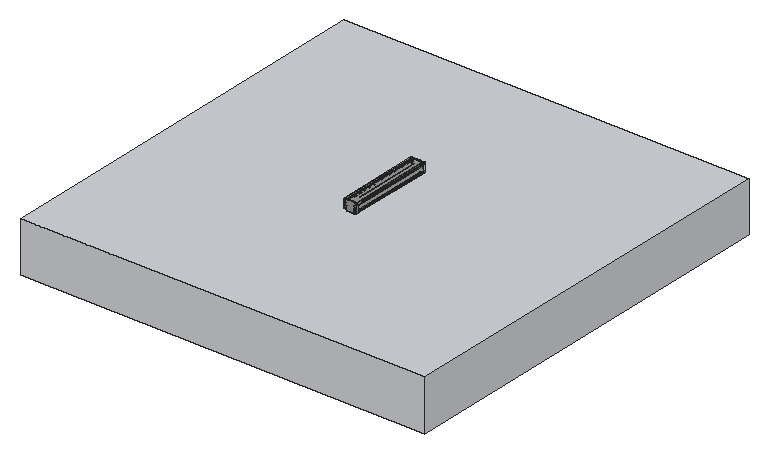
Revit family "L-industry NEW 24", category Осветительные приборы, Revit 2017
Family settings
  Основа = Грань
  Размер круглого соединителя = Использовать диаметр
  Тип детали = Нормальный
  При загрузке вырезать с полостями = Нет
  Источник света = Да
  Общий = Нет
  Точка расчета площади = Нет
Parameters (values of type "L-industry NEW 24 4.0K Г30")
  Расстояние от светильника до поверхности = 100 mm
  Описание = "Светодиодный светильник L-industry NEW 24 предназначен для освещения промышленных объектов, складов, подземных переходов, декоративной подсветки."
  Lamp = ""
  Комментарии к типоразмеру = "Промышленные"
  Wattage Comments = ""
  Wattage = 20.2502 W
  built-in parameter 1150110 = 1 (stored number, unit not read)
  built-in parameter 1114217 = 1 (stored number, unit not read)
  Tilt Angle = 90.00°
  built-in parameter 1150109 = 1 (stored number, unit not read)
  built-in parameter 1150134 = 12
  built-in parameter 1150113 = 1 (stored number, unit not read)
  Файл фотометрической сетки = "L-industry NEW 24-23-G30-4.0K-01.ies"
  built-in parameter 1150142 = "IESNA:LM-63-1995\r\n[TEST]LEDEL\r\n[DATA]27.11.2018\r\n[MANUFAC]LEDEL\r\n[LUMCAT]L-industry NEW 24/23/Г30/4.0K/01\r\n[LUMINAIRE]Для освещения  промышленных объектов, складов, декоративной подсветки  \r\n[MORE]\r\n[LAMPCAT]LED \r\n[LAMP]OSRAM OSLON\r\nTILT=NONE\r\n\r\n1 3008 1.9711664482306 37 19 1 2 0.533 0.083 0.166\r\n\r\n1 1 23\r\n\r\n0 2.5 5 7.5 10 12.5 15 17.5 20 22.5 25 27.5 30 32.5 35 37.5 40 42.5 45 47.5\r\n 50 52.5 55 57.5 60 62.5 65 67.5 70 72.5 75 77.5 80 82.5 85 87.5 90\r\n\r\n  0 5 10 15 20 25 30 35 40 45 50 55 60 65 70 75\r\n  80 85 90\r\n\r\n  3379 3230 2931 2592 2299 2089 1851 1514 1087 732 479 333 273 238 205\r\n  196 176 162 141 128 115 101 88 81 66 58 49 40 36 27\r\n  14 9 5 5 1 1 1\r\n  3377 3217 2938 2627 2345 2110 1860 1495 1068 719 477 333 273 237 207\r\n  181 167 153 137 123 110 101 86 80 66 58 44 40 31 25\r\n  14 5 1 1 3 1 1\r\n  3382 3252 3028 2782 2517 2238 1950 1563 1122 748 488 343 275 238 207\r\n  184 163 154 137 123 110 95 88 75 66 57 49 39 31 25\r\n  16 6 5 1 3 1 1\r\n  3382 3278 3101 2936 2721 2428 2053 1645 1199 812 521 353 279 246 213\r\n  189 176 155 141 128 110 99 88 75 66 61 53 40 36 18\r\n  18 9 3 1 3 1 1\r\n  3382 3279 3142 3019 2846 2534 2099 1649 1221 830 525 355 277 244 218\r\n  196 176 158 141 123 110 101 86 76 66 58 44 37 29 27\r\n  16 13 7 1 1 1 1\r\n  3380 3291 3165 3045 2890 2586 2125 1625 1194 814 524 355 280 238 214\r\n  196 174 158 137 124 110 93 86 79 64 57 44 36 29 27\r\n  16 9 5 4 1 1 1\r\n  3382 3290 3156 3012 2837 2567 2101 1572 1117 766 506 347 277 238 209\r\n  189 176 159 137 124 108 100 82 75 62 54 44 36 29 20\r\n  16 10 5 4 3 1 1\r\n  3376 3287 3145 2974 2776 2505 2064 1527 1047 723 488 335 264 232 207\r\n  188 176 158 139 127 110 100 88 76 64 58 53 40 33 27\r\n  18 10 9 5 1 1 3\r\n  3376 3287 3130 2952 2747 2471 2062 1538 1038 713 497 345 262 229 200\r\n  181 172 154 137 124 110 95 84 75 64 57 49 40 36 28\r\n  18 13 9 5 1 1 1\r\n  3347 3239 3073 2890 2659 2357 1921 1400 932 645 460 315 258 223 194\r\n  176 163 153 135 124 110 102 84 80 64 58 44 42 33 30\r\n  18 14 9 5 1 2 1\r\n  3376 3364 3259 3089 2877 2637 2314 1837 1312 902 611 419 308 259 229\r\n  202 185 176 159 138 128 110 97 85 77 66 60 53 38 36\r\n  27 15 11 9 5 1 1\r\n  3376 3359 3253 3102 2912 2700 2394 1918 1392 972 660 444 317 266 233\r\n  204 187 176 154 137 124 110 102 85 80 66 58 44 36 31\r\n  22 18 11 9 5 5 1\r\n  3382 3349 3229 3086 2921 2709 2345 1845 1345 945 629 420 310 271 236\r\n  211 198 177 159 141 124 110 97 88 77 66 58 46 38 31\r\n  22 15 11 6 5 4 1\r\n  3380 3333 3185 3047 2910 2663 2257 1781 1339 942 614 408 306 261 227\r\n  202 181 165 152 132 124 110 93 85 75 59 53 44 40 31\r\n  22 14 14 5 1 5 1\r\n  3382 3322 3151 2988 2839 2606 2227 1806 1395 993 650 428 321 266 233\r\n  207 187 172 154 133 123 107 97 84 71 63 58 44 40 28\r\n  22 15 9 5 5 2 3\r\n  3382 3307 3101 2883 2688 2442 2110 1743 1335 934 613 412 317 261 227\r\n  198 181 163 150 132 123 107 93 84 75 63 55 44 36 28\r\n  27 15 9 5 1 5 3\r\n  3382 3293 3048 2773 2512 2261 2012 1705 1307 922 613 419 317 255 220\r\n  189 172 159 150 132 119 106 93 84 75 64 53 44 38 31\r\n  18 14 9 2 1 1 3\r\n  3377 3308 3043 2715 2398 2146 1944 1661 1272 896 606 412 310 260 220\r\n  189 174 159 145 132 123 106 97 82 75 62 58 44 36 30\r\n  18 10 7 7 1 1 1\r\n  3379 3291 3019 2679 2350 2110 1930 1681 1307 941 646 437 328 273 229\r\n  198 183 170 154 136 126 110 101 83 75 66 55 44 33 30\r\n  22 14 7 4 3 1 3\r\n\r"
  built-in parameter 1150105 = 239.37 (stored number, unit not read)
  Lumens = 3008 lm
  built-in parameter 1150115 = 1 (stored number, unit not read)
  built-in parameter 1150137 = (empty or 0)
  built-in parameter 1150139 = (empty or 0)
  built-in parameter 1150112 = 1 (stored number, unit not read)
  built-in parameter 1150114 = 1 (stored number, unit not read)
  built-in parameter 1150132 = 2
  Классификация нагрузок = Освещение
  built-in parameter 1150102 = (empty or 0)
  built-in parameter 1150107 = 4000 (stored number, unit not read)
  built-in parameter 1150138 = (empty or 0)
  built-in parameter 1150106 = 2.3937 (stored number, unit not read)
  Emit from Rectangle Width = 66 mm
  Emit from Rectangle Length = 500 mm
  Изготовитель = "LEDEL"
  Длина профиля = Emit from Rectangle Length  # 500 mm
  Emit Shape Visible in Rendering = no
  built-in parameter 1150104 = 13.8 (stored number, unit not read)
  Dimming Lamp Color Temperature Shift = (empty or 0)
  Default Elevation = 1219.2 mm
  Color Filter = 16777215
  built-in parameter 1114218 = 1 (stored number, unit not read)
  built-in parameter 1150133 = 10 (stored number, unit not read)
  Apparent Load = 23 VA  # constant formula
  Артикул = "511102704741300"
Reference planes
  plane 1 "Center (Front/Back)": y = 0
  plane 2: z = 0
  plane 3 "Center (Left/Right)": x = 0
Forms (mm)
  Extrusion 1, solid
    sketch origin (0, 0, 0) x (1, 0, 0) y (0, 1, 0)
      loop
        line (-1219.2, 1219.2) -> (-1219.2, -1219.2) -> (1219.2, -1219.2) -> (1219.2, 1219.2) -> (-1219.2, 1219.2)
    from 0 to -304.8
Dimensions and locks
  "Расстояние от светильника до поверхности": imposter light to Extrusion 1
  aligned and locked: plane 2 to Extrusion 1
  aligned and locked: level to Extrusion 1
Automatic sketch dimensions
  Extrusion 1 sketch curve to Extrusion 1 sketch curve = 2438.4 mm  (x2)
Nested families
  nested 1: "L-street 24-48_body" at (0, 0, 0), type "L-street 24-48_body"
    with Расстояние от светильника до плоскости 100 mm, Начало выдавливания -250 mm, Конец выдавливания 250 mm, Длина профиля 500 mm
Connectors
  electrical at (0, 0, 0), driven by "Apparent Load"
    settings: on Extrusion 1, index 1, voltage 230 V, apparent load 0 VA, apparent load phase1 23 VA, apparent load phase2 0 VA, apparent load phase3 0 VA, power factor 1, load classification "Освещение", number of poles 1, system type 31, power factor state 1, is connector primary yes, connector utility no, sub classification motor no, connector description ""
Definition of nested family "L-street 24-48_body"
  Parameters (values of type "L-street 24-48_body")
    Тип торцевой крышки = Street 24-48 торцевая крышка : Trade Standart
    Расстояние от светильника до плоскости = 250 mm
    Default Elevation = 1219.2 mm
    Начало выдавливания = Длина профиля / 2 * (-1)  # -500 mm
    Конец выдавливания = Длина профиля / 2  # 500 mm
    Длина профиля = 1000 mm
  Reference planes
    plane 1 "По центру (Вперед/Назад)": y = 0
    plane 2: z = 0
    plane 3 "По центру (Влево/Вправо)": x = 0
    plane 4 "Плоскость расположения светильника": z = 250
  Forms (mm)
    Extrusion 1, solid
      sketch origin (0, 0, 0) x (1, 0, 0) y (0, 1, 0)
        loop
          line (-1219.2, 1219.2) -> (-1219.2, -1219.2) -> (1219.2, -1219.2) -> (1219.2, 1219.2) -> (-1219.2, 1219.2)
      from 0 to -304.8
    Extrusion 2, solid
      sketch origin (-0.012, 0.083, 76.46) x (-1, 0, 0) y (0, 0, -1)
        loop
          line (35.589, -172.539) -> (35.589, -167.394) -> (33.404, -167.394) -> (33.404, -169.539) -> (-33.404, -169.539) -> (-33.404, -167.394) -> (-35.589, -167.394) -> (-35.589, -172.539) -> (35.589, -172.539)
      from -500 <- "Начало выдавливания" to 500 <- "Конец выдавливания"
    Extrusion 3, solid
      sketch origin (-38.032, -499.976, 250) x (1, 0, 0) y (0, 0, -1)
        loop
          line (39.091, 58.204) -> (35.191, 58.204) -> (35.191, 62.2) -> (36.654, 62.2) -> (36.654, 64.2) -> (33.154, 64.2) -> (33.154, 58.204) -> (23.754, 58.204) -> (23.754, 62.908)
          arc (23.754, 62.908) -> (23.375, 63.822) -> (22.462, 64.2) r 1.292
          line (22.462, 64.2) -> (20.507, 64.2) -> (20.507, 62.999)
          arc (20.507, 62.999) -> (18.784, 57.899) -> (17.454, 63.115) r 2.807
          line (17.454, 63.115) -> (17.454, 64.2) -> (15.57, 64.2)
          arc (15.57, 64.2) -> (14.64, 63.815) -> (14.254, 62.884) r 1.316
          line (14.254, 62.884) -> (14.254, 58.204)
          arc (14.254, 58.204) -> (14.542, 57.268) -> (15.307, 56.657) r 1.662
          arc (15.307, 56.657) -> (15.699, 56.211) -> (15.564, 55.633) r 0.649
          line (15.564, 55.633) -> (14.254, 54.323)
          arc (14.254, 54.323) -> (12.694, 54.04) -> (11.88, 55.401) r 1.392
          line (11.88, 55.401) -> (11.88, 64.2) -> (10.88, 64.2) -> (10.88, 55.43)
          arc (10.88, 55.43) -> (12.297, 53.121) -> (14.961, 53.616) r 2.392
          line (14.961, 53.616) -> (16.271, 54.926)
          arc (16.271, 54.926) -> (18.805, 53.565) -> (19.091, 50.704) r 3.06
          line (19.091, 50.704) -> (19.091, 34.404)
          arc (19.091, 34.404) -> (17.453, 32.057) -> (14.686, 32.784) r 2.5
          line (14.686, 32.784) -> (3.187, 46.302)
          arc (3.187, 46.302) -> (1.783, 49.534) -> (1.349, 53.03) r 12.359
          arc (1.349, 53.03) -> (0.911, 54.131) -> (-0.182, 54.59) r 1.531
          line (-0.182, 54.59) -> (-1.451, 54.59) -> (-1.451, 52.09) -> (-0.218, 52.09) -> (-0.218, 49.043) -> (-1.451, 49.043) -> (-1.451, 47.616)
          arc (-1.451, 47.616) -> (-1.151, 46.891) -> (-0.426, 46.59) r 1.025
          line (-0.426, 46.59) -> (0.549, 46.59)
          arc (0.549, 46.59) -> (1.499, 46.15) -> (2.241, 45.41) r 3
          line (2.241, 45.41) -> (19.248, 21.121)
          arc (19.248, 21.121) -> (19.506, 18.078) -> (16.99, 16.347) r 3.04
          line (16.99, 16.347) -> (16.172, 18.606)
          arc (16.172, 18.606) -> (15.575, 18.888) -> (15.29, 18.293) r 0.468
          line (15.29, 18.293) -> (15.919, 15.768)
          arc (15.919, 15.768) -> (15.065, 15.349) -> (14.231, 14.89) r 20
          line (14.231, 14.89) -> (13.32, 17.308)
          arc (13.32, 17.308) -> (12.744, 17.565) -> (12.493, 16.986) r 0.443
          line (12.493, 16.986) -> (13, 14.112)
          arc (13, 14.112) -> (12.216, 13.548) -> (11.461, 12.946) r 20
          line (11.461, 12.946) -> (10.632, 15.29)
          arc (10.632, 15.29) -> (9.98, 15.589) -> (9.7, 14.929) r 0.5
          line (9.7, 14.929) -> (10.426, 12.018)
          arc (10.426, 12.018) -> (9.554, 11.125) -> (8.739, 10.18) r 20
          arc (8.739, 10.18) -> (8.315, 12.234) -> (6.549, 13.365) r 2.7
          line (6.549, 13.365) -> (6.345, 12.182)
          arc (6.345, 12.182) -> (6.657, 9.315) -> (4.875, 11.583) r 1.5
          line (4.875, 11.583) -> (4.02, 12.437)
          arc (4.02, 12.437) -> (3.433, 11.181) -> (3.546, 9.799) r 2.7
          arc (3.546, 9.799) -> (3.425, 8.912) -> (2.629, 8.5) r 0.973
          line (2.629, 8.5) -> (-2.894, 8.5) -> (-2.894, 0) -> (2.006, 0) -> (5.904, -0.341) -> (5.991, 0.655) -> (2.006, 1.004) -> (2.006, 4.504) -> (3.006, 4.504) -> (3.006, 6.504) -> (6.006, 6.504) -> (6.006, 4.504) -> (7.611, 4.504)
          arc (7.611, 4.504) -> (13.444, 12.031) -> (22.295, 15.543) r 18.05
          line (22.295, 15.543) -> (24.291, 15.543) -> (24.291, 16.504) -> (22.291, 16.504) -> (22.291, 18.204) -> (55.891, 18.204) -> (55.891, 16.504) -> (53.891, 16.504) -> (53.891, 15.543) -> (55.886, 15.543)
          arc (55.886, 15.543) -> (64.737, 12.031) -> (70.57, 4.504) r 18.05
          line (70.57, 4.504) -> (72.175, 4.504) -> (72.175, 6.504) -> (75.175, 6.504) -> (75.175, 4.504) -> (76.175, 4.504) -> (76.175, 1.004) -> (72.19, 0.655) -> (72.277, -0.341) -> (76.175, 0) -> (81.075, 0) -> (81.075, 8.5) -> (75.552, 8.5)
          arc (75.552, 8.5) -> (74.756, 8.912) -> (74.635, 9.799) r 0.973
          arc (74.635, 9.799) -> (74.748, 11.181) -> (74.161, 12.437) r 2.7
          line (74.161, 12.437) -> (73.306, 11.583)
          arc (73.306, 11.583) -> (71.524, 9.315) -> (71.836, 12.182) r 1.5
          line (71.836, 12.182) -> (71.632, 13.365)
          arc (71.632, 13.365) -> (69.866, 12.234) -> (69.442, 10.18) r 2.7
          arc (69.442, 10.18) -> (68.627, 11.125) -> (67.755, 12.018) r 20
          line (67.755, 12.018) -> (68.481, 14.929)
          arc (68.481, 14.929) -> (68.201, 15.589) -> (67.549, 15.29) r 0.5
          line (67.549, 15.29) -> (66.72, 12.946)
          arc (66.72, 12.946) -> (65.965, 13.548) -> (65.181, 14.112) r 20
          line (65.181, 14.112) -> (65.688, 16.986)
          arc (65.688, 16.986) -> (65.437, 17.565) -> (64.861, 17.308) r 0.443
          line (64.861, 17.308) -> (63.95, 14.89)
          arc (63.95, 14.89) -> (63.116, 15.349) -> (62.262, 15.768) r 20
          line (62.262, 15.768) -> (62.891, 18.293)
          arc (62.891, 18.293) -> (62.606, 18.888) -> (62.009, 18.606) r 0.468
          line (62.009, 18.606) -> (61.191, 16.347)
          arc (61.191, 16.347) -> (58.675, 18.078) -> (58.933, 21.121) r 3.04
          line (58.933, 21.121) -> (75.94, 45.41)
          arc (75.94, 45.41) -> (76.682, 46.15) -> (77.632, 46.59) r 3
          line (77.632, 46.59) -> (78.607, 46.59)
          arc (78.607, 46.59) -> (79.332, 46.891) -> (79.632, 47.616) r 1.025
          line (79.632, 47.616) -> (79.632, 49.043) -> (78.399, 49.043) -> (78.399, 52.09) -> (79.632, 52.09) -> (79.632, 54.59) -> (78.363, 54.59)
          arc (78.363, 54.59) -> (77.27, 54.131) -> (76.832, 53.03) r 1.531
          arc (76.832, 53.03) -> (76.398, 49.534) -> (74.994, 46.302) r 12.359
          line (74.994, 46.302) -> (63.495, 32.784)
          arc (63.495, 32.784) -> (60.728, 32.057) -> (59.091, 34.404) r 2.5
          line (59.091, 34.404) -> (59.091, 50.704)
          arc (59.091, 50.704) -> (59.376, 53.565) -> (61.91, 54.926) r 3.06
          line (61.91, 54.926) -> (63.22, 53.616)
          arc (63.22, 53.616) -> (65.884, 53.121) -> (67.301, 55.43) r 2.392
          line (67.301, 55.43) -> (67.301, 64.2) -> (66.301, 64.2) -> (66.301, 55.401)
          arc (66.301, 55.401) -> (65.487, 54.04) -> (63.927, 54.323) r 1.392
          line (63.927, 54.323) -> (62.617, 55.633)
          arc (62.617, 55.633) -> (62.482, 56.211) -> (62.874, 56.657) r 0.649
          arc (62.874, 56.657) -> (63.639, 57.268) -> (63.927, 58.204) r 1.662
          line (63.927, 58.204) -> (63.927, 62.884)
          arc (63.927, 62.884) -> (63.542, 63.815) -> (62.611, 64.2) r 1.316
          line (62.611, 64.2) -> (60.727, 64.2) -> (60.727, 63.115)
          arc (60.727, 63.115) -> (59.398, 57.899) -> (57.674, 62.999) r 2.807
          line (57.674, 62.999) -> (57.674, 64.2) -> (55.719, 64.2)
          arc (55.719, 64.2) -> (54.806, 63.822) -> (54.427, 62.908) r 1.292
          line (54.427, 62.908) -> (54.427, 58.204) -> (45.027, 58.204) -> (45.027, 64.2) -> (41.527, 64.2) -> (41.527, 62.2) -> (42.991, 62.2) -> (42.991, 58.204) -> (39.091, 58.204)
      from 0 to 1000 <- "Длина профиля"
  Dimensions and locks
    "Расстояние от светильника до плоскости": plane 4 "Плоскость расположения светильника" to Extrusion 1
    aligned and locked: plane 2 to Extrusion 1
    aligned and locked: level to Extrusion 1
  Automatic sketch dimensions
    Extrusion 1 sketch curve to Extrusion 1 sketch curve = 2438.4 mm  (x2)
    Extrusion 2 sketch curve to plane 4 "Плоскость расположения светильника" = 1.002 mm
    plane 3 "По центру (Влево/Вправо)" to Extrusion 2 sketch curve = 35.577 mm
    Extrusion 2 sketch curve to Extrusion 2 sketch curve = 2.185 mm  (x2)
    Extrusion 2 sketch curve to plane 4 "Плоскость расположения светильника" = 4.002 mm
    Extrusion 2 sketch curve to plane 3 "По центру (Влево/Вправо)" = 33.416 mm
    Extrusion 2 sketch curve to Extrusion 2 sketch curve = 2.144 mm  (x2)
    Extrusion 3 sketch curve to Extrusion 3 sketch curve = 0 mm  (x59)
    nested 1 to Extrusion 3 sketch curve = 2.894 mm
    nested 1 to Extrusion 3 sketch curve = 1.451 mm  (x2)
    Extrusion 3 sketch curve to Extrusion 3 sketch curve = 1.025 mm  (x2)
    Extrusion 3 sketch curve to Extrusion 3 sketch curve = 1.234 mm
    nested 1 to Extrusion 3 sketch curve = 0.216 mm
    nested 1 to Extrusion 3 sketch curve = 0.182 mm
    Extrusion 3 sketch curve to nested 1 = 0.549 mm
    Extrusion 3 sketch curve to nested 1 = 2.006 mm  (x2)
    Extrusion 3 sketch curve to Extrusion 3 sketch curve = 0.855 mm  (x4)
    Extrusion 3 sketch curve to Extrusion 3 sketch curve = 0.087 mm  (x2)
    Extrusion 3 sketch curve to Extrusion 3 sketch curve = 1.216 mm  (x2)
    Extrusion 3 sketch curve to Extrusion 3 sketch curve = 0.255 mm  (x2)
    Extrusion 3 sketch curve to Extrusion 3 sketch curve = 0.204 mm  (x2)
    Extrusion 3 sketch curve to Extrusion 3 sketch curve = 1.605 mm  (x2)
    Extrusion 3 sketch curve to Extrusion 3 sketch curve = 3.151 mm  (x2)
    Extrusion 3 sketch curve to Extrusion 3 sketch curve = 0.46 mm  (x2)
    Extrusion 3 sketch curve to Extrusion 3 sketch curve = 0.726 mm
    Extrusion 3 sketch curve to Extrusion 3 sketch curve = 0.471 mm  (x2)
    Extrusion 3 sketch curve to Extrusion 3 sketch curve = 1.035 mm  (x2)
    Extrusion 3 sketch curve to Extrusion 3 sketch curve = 1 mm  (x3)
    Extrusion 3 sketch curve to Extrusion 3 sketch curve = 2.273 mm
    Extrusion 3 sketch curve to Extrusion 3 sketch curve = 1.54 mm  (x2)
    Extrusion 3 sketch curve to Extrusion 3 sketch curve = 1.389 mm
    Extrusion 3 sketch curve to Extrusion 3 sketch curve = 0.436 mm
    Extrusion 3 sketch curve to Extrusion 3 sketch curve = 1.231 mm  (x2)
    Extrusion 3 sketch curve to Extrusion 3 sketch curve = 2.374 mm  (x2)
    Extrusion 3 sketch curve to Extrusion 3 sketch curve = 0.985 mm  (x4)
    Extrusion 3 sketch curve to Extrusion 3 sketch curve = 0.707 mm  (x8)
    Extrusion 3 sketch curve to Extrusion 3 sketch curve = 0.815 mm
    Extrusion 3 sketch curve to Extrusion 3 sketch curve = 2.385 mm
    Extrusion 3 sketch curve to Extrusion 3 sketch curve = 0.495 mm  (x2)
    Extrusion 3 sketch curve to Extrusion 3 sketch curve = 1.316 mm  (x4)
    Extrusion 3 sketch curve to Extrusion 3 sketch curve = 0.442 mm  (x2)
    Extrusion 3 sketch curve to Extrusion 3 sketch curve = 1.662 mm  (x2)
    Extrusion 3 sketch curve to Extrusion 3 sketch curve = 1.688 mm  (x2)
    Extrusion 3 sketch curve to Extrusion 3 sketch curve = 0.44 mm  (x2)
    Extrusion 3 sketch curve to Extrusion 3 sketch curve = 1.298 mm
    Extrusion 3 sketch curve to Extrusion 3 sketch curve = 0.586 mm  (x2)
    Extrusion 3 sketch curve to Extrusion 3 sketch curve = 1.071 mm  (x2)
    Extrusion 3 sketch curve to Extrusion 3 sketch curve = 0.004 mm  (x2)
    Extrusion 3 sketch curve to Extrusion 3 sketch curve = 1.955 mm  (x2)
    Extrusion 3 sketch curve to Extrusion 3 sketch curve = 1.292 mm  (x2)
    Extrusion 3 sketch curve to Extrusion 3 sketch curve = 2 mm  (x5)
    Extrusion 3 sketch curve to Extrusion 3 sketch curve = 9.4 mm  (x2)
    Extrusion 3 sketch curve to Extrusion 3 sketch curve = 2.037 mm  (x2)
    Extrusion 3 sketch curve to Extrusion 3 sketch curve = 1.463 mm
    Extrusion 3 sketch curve to Extrusion 3 sketch curve = 3.9 mm  (x2)
    Extrusion 3 sketch curve to Extrusion 3 sketch curve = 4.873 mm
    Extrusion 3 sketch curve to Extrusion 3 sketch curve = 1.996 mm  (x3)
    Extrusion 3 sketch curve to Extrusion 3 sketch curve = 1.884 mm  (x2)
    Extrusion 3 sketch curve to Extrusion 3 sketch curve = 1.31 mm
    Extrusion 3 sketch curve to Extrusion 3 sketch curve = 1.904 mm
    Extrusion 3 sketch curve to Extrusion 3 sketch curve = 1.256 mm
    Extrusion 3 sketch curve to Extrusion 3 sketch curve = 1.326 mm
    Extrusion 3 sketch curve to Extrusion 3 sketch curve = 0.829 mm
    Extrusion 3 sketch curve to Extrusion 3 sketch curve = 0.015 mm
    nested 1 to Extrusion 3 sketch curve = 0.458 mm
    nested 1 to Extrusion 3 sketch curve = 1.188 mm
    nested 1 to Extrusion 3 sketch curve = 1.223 mm
    nested 1 to Extrusion 3 sketch curve = 1.224 mm
    nested 1 to Extrusion 3 sketch curve = 1.432 mm
    Extrusion 3 sketch curve to Extrusion 3 sketch curve = 1.269 mm
    nested 1 to Extrusion 3 sketch curve = 3.9 mm
    Extrusion 3 sketch curve to nested 1 = 61.6 mm
    Extrusion 3 sketch curve to Extrusion 3 sketch curve = 2.055 mm  (x2)
    Extrusion 3 sketch curve to Extrusion 3 sketch curve = 0.341 mm  (x2)
    Extrusion 3 sketch curve to Extrusion 3 sketch curve = 3.849 mm  (x2)
    Extrusion 3 sketch curve to Extrusion 3 sketch curve = 3.5 mm
    Extrusion 3 sketch curve to Extrusion 3 sketch curve = 0.973 mm  (x2)
    Extrusion 3 sketch curve to Extrusion 3 sketch curve = 1.23 mm  (x2)
    Extrusion 3 sketch curve to Extrusion 3 sketch curve = 0.879 mm  (x2)
    Extrusion 3 sketch curve to Extrusion 3 sketch curve = 0.164 mm  (x2)
    Extrusion 3 sketch curve to Extrusion 3 sketch curve = 0.928 mm  (x2)
    Extrusion 3 sketch curve to Extrusion 3 sketch curve = 1.183 mm  (x2)
    Extrusion 3 sketch curve to Extrusion 3 sketch curve = 0.778 mm  (x2)
    Extrusion 3 sketch curve to Extrusion 3 sketch curve = 1.982 mm  (x2)
    Extrusion 3 sketch curve to Extrusion 3 sketch curve = 0.195 mm  (x2)
    Extrusion 3 sketch curve to Extrusion 3 sketch curve = 0.579 mm  (x2)
    Extrusion 3 sketch curve to Extrusion 3 sketch curve = 0.961 mm  (x2)
    Extrusion 3 sketch curve to Extrusion 3 sketch curve = 2.262 mm  (x2)
    Extrusion 3 sketch curve to Extrusion 3 sketch curve = 1.7 mm
    Extrusion 3 sketch curve to Extrusion 3 sketch curve = 1.946 mm  (x2)
    Extrusion 3 sketch curve to Extrusion 3 sketch curve = 0.154 mm  (x2)
    Extrusion 3 sketch curve to Extrusion 3 sketch curve = 0.772 mm  (x2)
    Extrusion 3 sketch curve to Extrusion 3 sketch curve = 11.663 mm  (x2)
    Extrusion 3 sketch curve to Extrusion 3 sketch curve = 10.905 mm  (x2)
    Extrusion 3 sketch curve to Extrusion 3 sketch curve = 1.721 mm  (x2)
    Extrusion 3 sketch curve to Extrusion 3 sketch curve = 0.892 mm  (x2)
    Extrusion 3 sketch curve to Extrusion 3 sketch curve = 1.428 mm  (x2)
    Extrusion 3 sketch curve to Extrusion 3 sketch curve = 16.3 mm  (x2)
    Extrusion 3 sketch curve to Extrusion 3 sketch curve = 1.162 mm  (x2)
    Extrusion 3 sketch curve to Extrusion 3 sketch curve = 3.047 mm  (x2)
    Extrusion 3 sketch curve to Extrusion 3 sketch curve = 0.925 mm  (x2)
    Extrusion 3 sketch curve to Extrusion 3 sketch curve = 0.969 mm  (x2)
    Extrusion 3 sketch curve to Extrusion 3 sketch curve = 0.825 mm  (x2)
    Extrusion 3 sketch curve to Extrusion 3 sketch curve = 1.531 mm  (x2)
    Extrusion 3 sketch curve to Extrusion 3 sketch curve = 0.42 mm  (x2)
    Extrusion 3 sketch curve to Extrusion 3 sketch curve = 2.151 mm  (x2)
    Extrusion 3 sketch curve to Extrusion 3 sketch curve = 7.5 mm
    Extrusion 3 sketch curve to Extrusion 3 sketch curve = 2.5 mm  (x4)
    Extrusion 3 sketch curve to Extrusion 3 sketch curve = 3.997 mm  (x2)
    Extrusion 3 sketch curve to Extrusion 3 sketch curve = 4.68 mm
    Extrusion 3 sketch curve to Extrusion 3 sketch curve = 2.18 mm
    Extrusion 3 sketch curve to Extrusion 3 sketch curve = 2.204 mm  (x2)
    Extrusion 3 sketch curve to Extrusion 3 sketch curve = 1.202 mm  (x2)
    Extrusion 3 sketch curve to Extrusion 3 sketch curve = 0.411 mm  (x2)
    Extrusion 3 sketch curve to Extrusion 3 sketch curve = 0.415 mm  (x2)
    Extrusion 3 sketch curve to Extrusion 3 sketch curve = 0.165 mm  (x2)
    Extrusion 3 sketch curve to nested 1 = 0 mm  (x3)
    Extrusion 3 sketch curve to Extrusion 3 sketch curve = 1.692 mm
    Extrusion 3 sketch curve to nested 1 = 2.629 mm
    Extrusion 3 sketch curve to Extrusion 3 sketch curve = 0.946 mm
    Extrusion 3 sketch curve to Extrusion 3 sketch curve = 1.391 mm
    Extrusion 3 sketch curve to Extrusion 3 sketch curve = 3.898 mm
    Extrusion 3 sketch curve to Extrusion 3 sketch curve = 3 mm
    nested 1 to Extrusion 3 sketch curve = 2.511 mm
    Extrusion 3 sketch curve to nested 1 = 10.88 mm
    Extrusion 3 sketch curve to Extrusion 3 sketch curve = 4.404 mm
    Extrusion 3 sketch curve to Extrusion 3 sketch curve = 1.437 mm
    Extrusion 3 sketch curve to Extrusion 3 sketch curve = 2.49 mm  (x2)
    Extrusion 3 sketch curve to Extrusion 3 sketch curve = 3.053 mm  (x2)
    Extrusion 3 sketch curve to Extrusion 3 sketch curve = 5.3 mm
    Extrusion 3 sketch curve to nested 1 = 23.284 mm
    Extrusion 3 sketch curve to Extrusion 3 sketch curve = 3.042 mm
    Extrusion 3 sketch curve to Extrusion 3 sketch curve = 4.663 mm
    Extrusion 3 sketch curve to Extrusion 3 sketch curve = 1.616 mm
    Extrusion 3 sketch curve to Extrusion 3 sketch curve = 2.258 mm
    Extrusion 3 sketch curve to Extrusion 3 sketch curve = 2.017 mm
    Extrusion 3 sketch curve to Extrusion 3 sketch curve = 1.128 mm
    Extrusion 3 sketch curve to nested 1 = 2.18 mm
    Extrusion 3 sketch curve to nested 1 = 2 mm
    Extrusion 3 sketch curve to nested 1 = 1.623 mm
    Extrusion 3 sketch curve to nested 1 = 1.235 mm
    Extrusion 3 sketch curve to nested 1 = 1 mm
  Nested families
    nested 1: "Street 24-48 торцевая крышка" at (0.555, 0.024, 0), type <- "Тип торцевой крышки", type "Trade Standart"
      with Начало профиля 500 mm, Конец профиля 500 mm, Длина профиля 1000 mm
    nested 2: "Street 24-48 торцевая крышка" at (0.452, 0, 0), type <- "Тип торцевой крышки", type "Trade Standart"
      with Начало профиля 500 mm, Конец профиля 500 mm, Длина профиля 1000 mm
  Definition of nested family "Street 24-48 торцевая крышка"
    Parameters (values of type "Trade 24-48 торцевая крышка")
      Расстояние до плоскости = 150 mm
      Default Elevation = 1219.2 mm
      Начало профиля = 249.976 mm
      Конец профиля = Начало профиля  # 249.976 mm
      Длина профиля = Начало профиля * 2  # 499.952 mm
    Types (2, lengths in mm): name | Расстояние до плоскости | Начало профиля | Конец профиля | Длина профиля
      Trade 24-48 торцевая крышка | 150 | 249.976 | 249.976 | 499.952
      Trade Standart | 250 | 250 | 250 | 500
    Reference planes
      plane 1 "По центру (Вперед/Назад)": y = 0
      plane 2: z = 0
      plane 3 "По центру (Влево/Вправо)": x = 0
      plane 4 "Плоскость светильника": z = 150
    Forms (mm)
      Extrusion 1, solid
        sketch origin (0, 0, 0) x (1, 0, 0) y (0, 1, 0)
          loop
            line (-1219.2, 1219.2) -> (-1219.2, -1219.2) -> (1219.2, -1219.2) -> (1219.2, 1219.2) -> (-1219.2, 1219.2)
        from 0 to -304.8
      Extrusion 2, solid
        sketch origin (-19.367, -249.976, 150) x (1, 0, 0) y (0, 0, 1)
          loop
            line (-19.221, 0) -> (-19.221, -52.919) -> (-10.867, -52.919)
            arc (-10.867, -52.919) -> (-6.009, -53.518) -> (-1.441, -55.28) r 20
            line (-1.441, -55.28) -> (3.39, -58.299)
            arc (3.39, -58.299) -> (3.801, -58.687) -> (4.03, -59.204) r 1.436
            line (4.03, -59.204) -> (13.43, -59.204)
            arc (13.43, -59.204) -> (14.332, -58.467) -> (15.467, -58.204) r 2.574
            line (15.467, -58.204) -> (19.367, -58.204) -> (23.267, -58.204)
            arc (23.267, -58.204) -> (24.401, -58.467) -> (25.303, -59.204) r 2.574
            line (25.303, -59.204) -> (34.703, -59.204)
            arc (34.703, -59.204) -> (34.933, -58.687) -> (35.344, -58.299) r 1.436
            line (35.344, -58.299) -> (40.175, -55.28)
            arc (40.175, -55.28) -> (44.742, -53.518) -> (49.601, -52.919) r 20
            line (49.601, -52.919) -> (57.954, -52.919) -> (57.954, 0) -> (19.367, 0) -> (-19.221, 0)
        from 0 to 5
      Extrusion 3, solid
        sketch origin (18.233, 249.976, 150) x (-1, 0, 0) y (0, 0, 1)
          loop
            line (56.821, 0) -> (18.233, 0) -> (-20.354, 0) -> (-20.354, -52.919) -> (-12.001, -52.919)
            arc (-12.001, -52.919) -> (-7.142, -53.518) -> (-2.575, -55.28) r 20
            line (-2.575, -55.28) -> (2.256, -58.299)
            arc (2.256, -58.299) -> (2.667, -58.687) -> (2.897, -59.204) r 1.436
            line (2.897, -59.204) -> (12.297, -59.204)
            arc (12.297, -59.204) -> (13.199, -58.467) -> (14.333, -58.204) r 2.574
            line (14.333, -58.204) -> (18.233, -58.204) -> (22.133, -58.204)
            arc (22.133, -58.204) -> (23.268, -58.467) -> (24.17, -59.204) r 2.574
            line (24.17, -59.204) -> (33.57, -59.204)
            arc (33.57, -59.204) -> (33.799, -58.687) -> (34.21, -58.299) r 1.436
            line (34.21, -58.299) -> (39.041, -55.28)
            arc (39.041, -55.28) -> (43.609, -53.518) -> (48.467, -52.919) r 20
            line (48.467, -52.919) -> (56.821, -52.919) -> (56.821, 0)
        from 0 to 5
      Extrusion 4, solid
        sketch origin (0, -398.223, 150) x (0, -1, 0) y (1, 0, 0)
          loop
            line (-149.081, 18.233) -> (-149.081, -19.367) -> (-148.247, -19.367) -> (-148.247, 18.233) -> (-149.081, 18.233)
          loop
            line (-648.199, -19.367) -> (-647.405, -19.367) -> (-647.405, 18.233) -> (-648.199, 18.233) -> (-648.199, -19.367)
        from 0 to -1
      Extrusion 5, void
        sketch origin (-19.367, -254.976, 150) x (-1, 0, 0) y (0, 0, 1)
          loop
            line (9.318, -51.37) -> (15.247, -51.37)
            arc (15.247, -51.37) -> (16.574, -50.692) -> (16.801, -49.218) r 1.637
            arc (16.801, -49.218) -> (16.329, -48.024) -> (15.725, -46.891) r 11.359
            line (15.725, -46.891) -> (4.276, -33.432)
            arc (4.276, -33.432) -> (2.615, -32.996) -> (1.633, -34.404) r 1.5
            line (1.633, -34.404) -> (1.633, -52.906)
            arc (1.633, -52.906) -> (5.4, -51.758) -> (9.318, -51.37) r 20
          loop
            arc (14.324, -39.155) -> (16.107, -39.761) -> (17.221, -38.242) r 1.592
            line (17.221, -38.242) -> (17.221, -10.29)
            arc (17.221, -10.29) -> (14.944, -10.099) -> (12.739, -9.499) r 12.546
            arc (12.739, -9.499) -> (11.447, -11.189) -> (9.991, -12.739) r 21
            arc (9.991, -12.739) -> (8.685, -13.894) -> (7.288, -14.938) r 21
            arc (7.288, -14.938) -> (4.877, -16.36) -> (2.299, -17.45) r 21
            arc (2.299, -17.45) -> (1.025, -18.749) -> (1.295, -20.548) r 2.04
            line (1.295, -20.548) -> (14.324, -39.155)
          loop
            arc (-48.051, -51.37) -> (-44.133, -51.758) -> (-40.367, -52.906) r 20
            line (-40.367, -52.906) -> (-40.367, -34.404)
            arc (-40.367, -34.404) -> (-41.349, -32.996) -> (-43.009, -33.432) r 1.5
            line (-43.009, -33.432) -> (-54.458, -46.891)
            arc (-54.458, -46.891) -> (-55.062, -48.024) -> (-55.534, -49.218) r 11.359
            arc (-55.534, -49.218) -> (-55.308, -50.692) -> (-53.98, -51.37) r 1.637
            line (-53.98, -51.37) -> (-48.051, -51.37)
          loop
            line (-53.057, -39.155) -> (-40.028, -20.548)
            arc (-40.028, -20.548) -> (-39.759, -18.749) -> (-41.032, -17.45) r 2.04
            arc (-41.032, -17.45) -> (-43.611, -16.36) -> (-46.022, -14.938) r 21
            arc (-46.022, -14.938) -> (-47.419, -13.894) -> (-48.725, -12.739) r 21
            arc (-48.725, -12.739) -> (-50.181, -11.189) -> (-51.473, -9.499) r 21
            arc (-51.473, -9.499) -> (-53.677, -10.099) -> (-55.954, -10.29) r 12.546
            line (-55.954, -10.29) -> (-55.954, -38.242)
            arc (-55.954, -38.242) -> (-54.841, -39.761) -> (-53.057, -39.155) r 1.592
        from 0 to 1
      Extrusion 6, void
        sketch origin (18.233, 254.976, 150) x (1, 0, 0) y (0, 0, 1)
          loop
            arc (-46.904, -51.384) -> (-42.986, -51.772) -> (-39.219, -52.919) r 20
            line (-39.219, -52.919) -> (-39.219, -34.418)
            arc (-39.219, -34.418) -> (-40.202, -33.01) -> (-41.862, -33.446) r 1.5
            line (-41.862, -33.446) -> (-53.311, -46.905)
            arc (-53.311, -46.905) -> (-53.915, -48.038) -> (-54.387, -49.232) r 11.359
            arc (-54.387, -49.232) -> (-54.16, -50.705) -> (-52.833, -51.384) r 1.637
            line (-52.833, -51.384) -> (-46.904, -51.384)
          loop
            line (-51.91, -39.169) -> (-38.881, -20.562)
            arc (-38.881, -20.562) -> (-38.611, -18.763) -> (-39.885, -17.464) r 2.04
            arc (-39.885, -17.464) -> (-42.463, -16.374) -> (-44.874, -14.952) r 21
            arc (-44.874, -14.952) -> (-46.271, -13.908) -> (-47.577, -12.753) r 21
            arc (-47.577, -12.753) -> (-49.033, -11.203) -> (-50.325, -9.513) r 21
            arc (-50.325, -9.513) -> (-52.53, -10.113) -> (-54.807, -10.303) r 12.546
            line (-54.807, -10.303) -> (-54.807, -38.256)
            arc (-54.807, -38.256) -> (-53.693, -39.775) -> (-51.91, -39.169) r 1.592
          loop
            line (10.465, -51.384) -> (16.394, -51.384)
            arc (16.394, -51.384) -> (17.722, -50.705) -> (17.948, -49.232) r 1.637
            arc (17.948, -49.232) -> (17.476, -48.038) -> (16.872, -46.905) r 11.359
            line (16.872, -46.905) -> (5.423, -33.446)
            arc (5.423, -33.446) -> (3.763, -33.01) -> (2.781, -34.418) r 1.5
            line (2.781, -34.418) -> (2.781, -52.919)
            arc (2.781, -52.919) -> (6.547, -51.772) -> (10.465, -51.384) r 20
          loop
            arc (15.471, -39.169) -> (17.254, -39.775) -> (18.368, -38.256) r 1.592
            line (18.368, -38.256) -> (18.368, -10.303)
            arc (18.368, -10.303) -> (16.091, -10.113) -> (13.887, -9.513) r 12.546
            arc (13.887, -9.513) -> (12.595, -11.203) -> (11.138, -12.753) r 21
            arc (11.138, -12.753) -> (9.833, -13.908) -> (8.435, -14.952) r 21
            arc (8.435, -14.952) -> (6.025, -16.374) -> (3.446, -17.464) r 21
            arc (3.446, -17.464) -> (2.173, -18.763) -> (2.442, -20.562) r 2.04
            line (2.442, -20.562) -> (15.471, -39.169)
        from 0 to 1
    Cuts and joins
      Extrusion 5 cuts Extrusion 2
      Extrusion 6 cuts Extrusion 3
    Dimensions and locks
      "Расстояние до плоскости": plane 4 "Плоскость светильника" to Extrusion 1
      "Конец профиля": plane 1 "По центру (Вперед/Назад)" to Extrusion 4
      "Начало профиля": Extrusion 4 to plane 1 "По центру (Вперед/Назад)"
      aligned and locked: plane 2 to Extrusion 1
      aligned and locked: level to Extrusion 1
    Automatic sketch dimensions
      Extrusion 1 sketch curve to Extrusion 1 sketch curve = 2438.4 mm  (x2)
      Extrusion 3 sketch curve to Extrusion 3 sketch curve = 4.07 mm
      Extrusion 3 sketch curve to Extrusion 3 sketch curve = 0.761 mm
      Extrusion 3 sketch curve to Extrusion 3 sketch curve = 0.641 mm  (x2)
      Extrusion 3 sketch curve to Extrusion 3 sketch curve = 9.4 mm  (x2)
      Extrusion 3 sketch curve to Extrusion 3 sketch curve = 2.037 mm  (x2)
      Extrusion 3 sketch curve to Extrusion 3 sketch curve = 3.9 mm  (x2)
      Extrusion 4 to Extrusion 3 sketch curve = 58.299 mm
      Extrusion 3 sketch curve to Extrusion 3 sketch curve = 1.402 mm
      Extrusion 3 sketch curve to Extrusion 3 sketch curve = 4.831 mm
      Extrusion 4 to Extrusion 3 sketch curve = 72.919 mm  (x2)
      Extrusion 3 sketch curve to Extrusion 3 sketch curve = 2.479 mm
      Extrusion 3 sketch curve to Extrusion 3 sketch curve = 0 mm
      Extrusion 3 sketch curve to Extrusion 3 sketch curve = 1.261 mm
      Extrusion 3 sketch curve to Extrusion 3 sketch curve = 1.218 mm
      Extrusion 3 sketch curve to Extrusion 3 sketch curve = 3.018 mm  (x2)
      Extrusion 4 to Extrusion 2 sketch curve = 52.919 mm
      Extrusion 4 to Extrusion 2 sketch curve = 72.919 mm  (x2)
      Extrusion 2 sketch curve to Extrusion 2 sketch curve = 8.353 mm  (x2)
      Extrusion 4 to Extrusion 2 sketch curve = 55.28 mm
      Extrusion 2 sketch curve to Extrusion 2 sketch curve = 4.07 mm
      Extrusion 4 to Extrusion 2 sketch curve = 58.299 mm  (x2)
      Extrusion 2 sketch curve to Extrusion 2 sketch curve = 0.761 mm  (x2)
      Extrusion 2 sketch curve to Extrusion 2 sketch curve = 0.641 mm  (x2)
      Extrusion 2 sketch curve to Extrusion 2 sketch curve = 9.4 mm  (x2)
      Extrusion 2 sketch curve to Extrusion 2 sketch curve = 2.037 mm  (x2)
      Extrusion 2 sketch curve to Extrusion 2 sketch curve = 3.9 mm  (x2)
      Extrusion 2 sketch curve to Extrusion 2 sketch curve = 4.831 mm
      Extrusion 2 sketch curve to Extrusion 2 sketch curve = 2.479 mm
      Extrusion 2 sketch curve to Extrusion 2 sketch curve = 0 mm
      Extrusion 2 sketch curve to Extrusion 2 sketch curve = 1.218 mm
      Extrusion 2 sketch curve to Extrusion 2 sketch curve = 3.018 mm
      Extrusion 3 sketch curve to Extrusion 4 = 0 mm
      Extrusion 2 sketch curve to Extrusion 4 = 19.221 mm
      Extrusion 3 sketch curve to Extrusion 4 = 20.354 mm
      Extrusion 3 sketch curve to Extrusion 4 = 12.001 mm
      Extrusion 4 sketch curve to plane 3 "По центру (Влево/Вправо)" = 19.367 mm  (x2)
      Extrusion 4 sketch curve to plane 1 "По центру (Вперед/Назад)" = 249.976 mm
      Extrusion 4 sketch curve to Extrusion 4 sketch curve = 0.794 mm
      plane 1 "По центру (Вперед/Назад)" to Extrusion 4 sketch curve = 249.142 mm
      Extrusion 4 sketch curve to Extrusion 4 sketch curve = 0.834 mm
      plane 3 "По центру (Влево/Вправо)" to Extrusion 4 sketch curve = 18.233 mm  (x2)
      Extrusion 2 sketch curve to Extrusion 4 = 0 mm
      Extrusion 2 sketch curve to Extrusion 4 = 18.233 mm
      Extrusion 4 to Extrusion 2 sketch curve = 12.001 mm
      Extrusion 3 sketch curve to Extrusion 4 = 2.575 mm
      Extrusion 4 to Extrusion 3 sketch curve = 18.233 mm
      Extrusion 3 sketch curve to Extrusion 3 sketch curve = 9.426 mm
      Extrusion 3 sketch curve to Extrusion 3 sketch curve = 8.353 mm
      Extrusion 5 sketch curve to Extrusion 5 sketch curve = 0 mm  (x13)
      Extrusion 2 to Extrusion 5 sketch curve = 2 mm  (x2)
      Extrusion 2 to Extrusion 5 sketch curve = 2.098 mm  (x2)
      Extrusion 2 to Extrusion 5 sketch curve = 3.496 mm
      Extrusion 5 sketch curve to Extrusion 5 sketch curve = 1.592 mm
      Extrusion 2 to Extrusion 5 sketch curve = 1.549 mm  (x2)
      Extrusion 2 to Extrusion 5 sketch curve = 3.974 mm  (x2)
      Extrusion 5 sketch curve to Extrusion 5 sketch curve = 1.304 mm  (x2)
      Extrusion 2 to Extrusion 5 sketch curve = 9.903 mm
      Extrusion 2 to Extrusion 5 sketch curve = 0.128 mm  (x2)
      Extrusion 5 sketch curve to Extrusion 5 sketch curve = 3.299 mm  (x2)
      Extrusion 5 sketch curve to Extrusion 5 sketch curve = 10.048 mm
      Extrusion 5 sketch curve to Extrusion 5 sketch curve = 1.143 mm  (x2)
      Extrusion 5 sketch curve to Extrusion 5 sketch curve = 1.31 mm
      Extrusion 2 to Extrusion 5 sketch curve = 0.014 mm
      Extrusion 5 sketch curve to Extrusion 5 sketch curve = 4.386 mm  (x2)
      Extrusion 5 sketch curve to Extrusion 5 sketch curve = 1.671 mm  (x2)
      Extrusion 5 sketch curve to Extrusion 2 = 2.396 mm  (x2)
      Extrusion 5 sketch curve to Extrusion 5 sketch curve = 21.689 mm
      Extrusion 2 to Extrusion 5 sketch curve = 23.787 mm
      Extrusion 2 to Extrusion 5 sketch curve = 17.926 mm
      Extrusion 5 sketch curve to Extrusion 5 sketch curve = 0.339 mm
      Extrusion 5 sketch curve to Extrusion 5 sketch curve = 1.5 mm
      Extrusion 2 to Extrusion 5 sketch curve = 4.897 mm
      Extrusion 5 sketch curve to Extrusion 5 sketch curve = 0.478 mm
      Extrusion 5 sketch curve to Extrusion 2 = 12.166 mm
      Extrusion 5 sketch curve to Extrusion 5 sketch curve = 1.637 mm  (x2)
      Extrusion 5 sketch curve to Extrusion 5 sketch curve = 2.327 mm  (x2)
      Extrusion 5 sketch curve to Extrusion 5 sketch curve = 7.735 mm  (x2)
      Extrusion 5 sketch curve to Extrusion 5 sketch curve = 4.752 mm  (x2)
      Extrusion 5 sketch curve to Extrusion 5 sketch curve = 12.884 mm  (x2)
      Extrusion 5 sketch curve to Extrusion 5 sketch curve = 1.17 mm  (x2)
      Extrusion 2 to Extrusion 5 sketch curve = 10.29 mm  (x2)
      Extrusion 5 sketch curve to Extrusion 2 = 2.256 mm  (x2)
      Extrusion 5 sketch curve to Extrusion 5 sketch curve = 4.481 mm
      Extrusion 5 sketch curve to Extrusion 5 sketch curve = 2.748 mm
      Extrusion 5 sketch curve to Extrusion 5 sketch curve = 2.703 mm  (x2)
      Extrusion 5 sketch curve to Extrusion 5 sketch curve = 4.989 mm
      Extrusion 6 sketch curve to Extrusion 6 sketch curve = 0 mm  (x13)
      Extrusion 6 sketch curve to Extrusion 3 = 0 mm  (x2)
      Extrusion 3 to Extrusion 6 sketch curve = 2.014 mm
      Extrusion 3 to Extrusion 6 sketch curve = 2.112 mm
      Extrusion 3 to Extrusion 6 sketch curve = 3.51 mm
      Extrusion 6 sketch curve to Extrusion 6 sketch curve = 1.592 mm  (x2)
      Extrusion 6 sketch curve to Extrusion 6 sketch curve = 0.478 mm  (x2)
      Extrusion 6 sketch curve to Extrusion 6 sketch curve = 1.304 mm  (x2)
      Extrusion 3 to Extrusion 6 sketch curve = 9.917 mm
      Extrusion 3 to Extrusion 6 sketch curve = 0.115 mm  (x2)
      Extrusion 6 sketch curve to Extrusion 6 sketch curve = 3.299 mm
      Extrusion 6 sketch curve to Extrusion 6 sketch curve = 10.048 mm
      Extrusion 6 sketch curve to Extrusion 6 sketch curve = 1.143 mm  (x2)
      Extrusion 6 sketch curve to Extrusion 6 sketch curve = 1.31 mm
      Extrusion 6 sketch curve to Extrusion 6 sketch curve = 1.5 mm  (x2)
      Extrusion 6 sketch curve to Extrusion 6 sketch curve = 1.671 mm  (x2)
      Extrusion 6 sketch curve to Extrusion 3 = 2.382 mm  (x2)
      Extrusion 6 sketch curve to Extrusion 6 sketch curve = 21.689 mm
      Extrusion 3 to Extrusion 6 sketch curve = 23.773 mm
      Extrusion 3 to Extrusion 6 sketch curve = 17.912 mm
      Extrusion 6 sketch curve to Extrusion 6 sketch curve = 0.339 mm
      Extrusion 6 sketch curve to Extrusion 6 sketch curve = 4.386 mm
      Extrusion 3 to Extrusion 6 sketch curve = 9.889 mm
      Extrusion 3 to Extrusion 6 sketch curve = 4.883 mm
      Extrusion 3 to Extrusion 6 sketch curve = 3.96 mm
      Extrusion 3 to Extrusion 6 sketch curve = 2.084 mm
      Extrusion 6 sketch curve to Extrusion 3 = 12.18 mm  (x2)
      Extrusion 6 sketch curve to Extrusion 6 sketch curve = 1.637 mm  (x2)
      Extrusion 6 sketch curve to Extrusion 6 sketch curve = 2.327 mm  (x2)
      Extrusion 6 sketch curve to Extrusion 6 sketch curve = 7.735 mm  (x2)
      Extrusion 6 sketch curve to Extrusion 6 sketch curve = 4.752 mm  (x2)
      Extrusion 6 sketch curve to Extrusion 6 sketch curve = 12.884 mm  (x2)
      Extrusion 6 sketch curve to Extrusion 6 sketch curve = 1.17 mm  (x2)
      Extrusion 3 to Extrusion 6 sketch curve = 10.303 mm  (x2)
      Extrusion 6 sketch curve to Extrusion 3 = 2.242 mm  (x2)
      Extrusion 6 sketch curve to Extrusion 6 sketch curve = 4.481 mm
      Extrusion 6 sketch curve to Extrusion 6 sketch curve = 2.748 mm
      Extrusion 6 sketch curve to Extrusion 6 sketch curve = 2.703 mm  (x2)
      Extrusion 6 sketch curve to Extrusion 6 sketch curve = 4.989 mm
Types (10, lengths in mm): name | Wattage | built-in parameter 1150134 | Файл фотометрической сетки | built-in parameter 1150142 | built-in parameter 1150105 | Lumens | built-in parameter 1150107 | built-in parameter 1150106 | Артикул
  L-industry NEW 24 4.0K Д | 20.2636 W | 12 | "L-industry NEW 24-23-D-4.0K-02.ies" | "IESNA:LM-63-1995\r\n[TEST]LEDEL\r\n[DATA]27.11.2018\r\n[MANUFAC]LEDEL\r\n[LUMCAT]L-industry NEW 24/23/Д/4.0K/02\r\n[LUMINAIRE]Для освещения  промышленных объектов, складов, декоративной подсветки  \r\n[MORE]\r\n[LAMPCAT]LED \r\n[LAMP]OSRAM OSLON\r\nTILT=NONE\r\n\r\n1 3010 2.146932952924355 37 19 1 2 0.533 0.083 0.166\r\n\r\n1 1 23\r\n\r\n0 2.5 5 7.5 10 12.5 15 17.5 20 22.5 25 27.5 30 32.5 35 37.5 40 42.5 45 47.5\r\n 50 52.5 55 57.5 60 62.5 65 67.5 70 72.5 75 77.5 80 82.5 85 87.5 90\r\n\r\n  0 5 10 15 20 25 30 35 40 45 50 55 60 65 70 75\r\n  80 85 90\r\n\r\n  720 725 728 712 704 700 683 669 654 632 615 586 558 523 478\r\n  408 362 320 277 237 206 164 127 105 101 104 88 70 67 68\r\n  61 62 54 46 29 14 11\r\n  717 729 723 706 704 699 682 667 655 633 615 591 559 525 481\r\n  411 362 322 280 239 203 175 142 119 111 112 94 78 77 68\r\n  56 55 49 41 26 11 3\r\n  717 727 726 706 698 694 680 667 652 630 611 586 559 525 482\r\n  413 356 310 261 212 181 169 149 126 104 91 87 72 61 62\r\n  63 54 47 42 27 15 6\r\n  716 727 724 707 695 695 682 665 648 631 615 586 562 529 485\r\n  425 356 304 248 202 179 159 138 115 97 88 84 82 70 53\r\n  47 47 44 34 22 12 5\r\n  717 723 724 711 696 688 682 665 651 633 614 591 561 529 489\r\n  436 363 300 252 209 176 151 129 119 118 103 80 68 66 61\r\n  55 43 39 31 21 14 6\r\n  717 720 721 717 699 683 676 670 649 632 613 586 563 528 486\r\n  436 382 300 246 213 183 158 137 124 110 92 81 75 71 60\r\n  55 52 43 31 22 14 6\r\n  716 716 714 715 707 686 673 663 649 632 614 591 561 523 485\r\n  442 395 321 252 213 190 178 157 126 106 98 94 84 70 66\r\n  61 52 46 39 28 13 5\r\n  714 714 708 709 704 694 680 659 647 630 611 589 557 525 486\r\n  450 403 346 299 246 214 185 153 133 119 112 96 71 72 75\r\n  67 62 56 47 35 20 6\r\n  717 711 708 700 696 689 676 664 651 635 615 591 559 528 497\r\n  461 414 356 313 281 250 199 163 151 146 128 104 96 93 79\r\n  69 70 61 51 37 21 6\r\n  717 712 706 701 690 681 671 659 643 629 607 577 547 519 488\r\n  453 395 340 304 279 244 192 150 128 121 109 85 78 85 66\r\n  63 62 54 46 28 12 3\r\n  717 721 718 720 717 712 706 695 683 666 647 620 597 568 537\r\n  500 440 385 344 307 263 214 182 175 161 129 106 100 90 75\r\n  72 68 61 50 36 18 4\r\n  714 721 721 727 730 718 705 688 677 670 656 630 599 568 534\r\n  496 444 379 326 282 246 206 163 137 129 121 97 73 72 69\r\n  66 61 52 43 29 14 4\r\n  716 722 729 732 727 711 699 692 683 666 649 627 592 558 521\r\n  480 425 350 292 241 214 203 174 133 116 111 104 84 71 68\r\n  58 48 47 36 22 11 3\r\n  717 724 733 730 717 708 704 693 674 663 643 622 592 553 511\r\n  467 411 338 280 243 206 176 152 132 109 98 91 84 70 59\r\n  51 45 36 29 19 6 4\r\n  717 723 734 727 714 712 710 691 675 660 643 625 592 554 511\r\n  460 404 341 277 229 199 169 143 136 129 104 76 69 66 62\r\n  52 39 33 25 17 6 3\r\n  716 726 733 720 712 715 705 688 675 660 642 615 589 552 508\r\n  454 395 325 262 225 198 174 154 128 107 101 92 86 69 47\r\n  47 43 34 26 14 5 2\r\n  717 726 729 715 713 714 699 688 674 656 635 615 584 546 509\r\n  456 391 338 288 241 211 193 173 130 107 96 93 77 60 62\r\n  54 43 36 28 17 6 3\r\n  717 726 730 713 712 711 693 686 671 652 631 608 576 540 502\r\n  448 391 345 302 260 228 195 151 132 126 120 100 83 77 64\r\n  53 47 43 30 15 6 3\r\n  720 727 727 712 714 709 688 681 666 644 626 601 571 537 499\r\n  444 389 340 296 260 232 192 133 109 106 116 103 69 68 76\r\n  54 47 47 31 14 6 3\r\n\r\n" | 239.53 (stored number, unit not read) | 3010 lm | 4000 (stored number, unit not read) | 2.3953 (stored number, unit not read) | "511102700742300"
